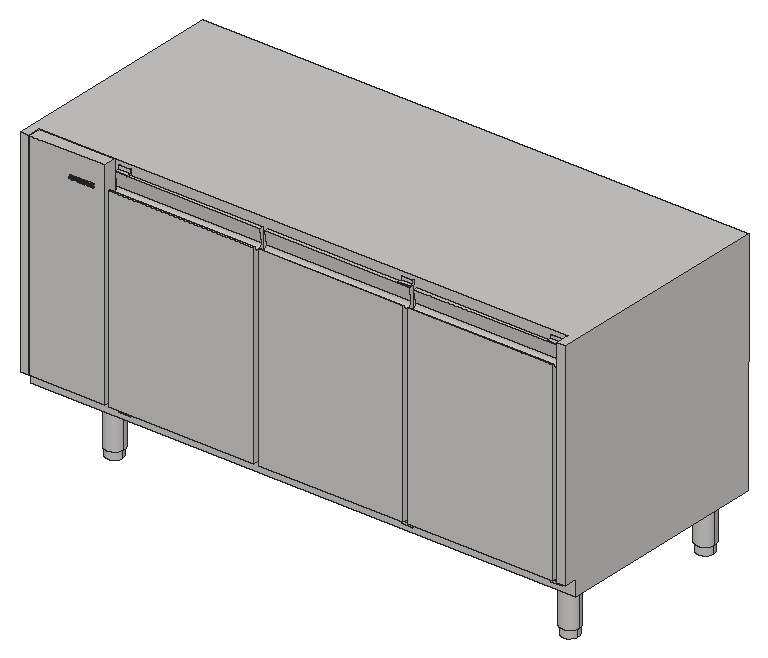
Revit family "QF_ALPENINOX_712270_AH3R8AAA", category Specialty Equipment, Revit 2018
Family settings
  Round Connector Dimension = Use Diameter
  Part Type = Normal
  Work Plane-Based = No
  Always vertical = Yes
  Cut with Voids When Loaded = No
  Shared = No
  Room Calculation Point = No
Parameters
  Weight = 0.00 kg
  Watts = 0.00278709 W
  Volts = 220 V
  URL Manufacturer = "http://www.alpeninox.com/"
  URL = "http://www.alpeninox.com/"
  Steam Supply Size = 0 mm
  Steam Supply Minimum Pressure = 0.0 Pa
  Steam Supply Maximum Pressure = 0.0 Pa
  Steam Pounds per Hour = 0
  Show Logo [instance] = yes
  Show Clearance [instance] = yes
  Refrigeration Suction Line Size = 0 mm
  Refrigeration Liquid Line Size = 0 mm
  Refrigerant Compressor Remote = yes
  Manufacturer = "Alpeninox"
  Phase = 1
  Model = "AH3R8AAA"
  Length Actual = 1657 mm  # constant formula
  Item Number = "712270"
  Hot Water Size = 0 mm
  Height Actual = 850 mm  # constant formula
  HP = "0 HP"
  Gas Size = 0 mm
  Gas KW = 0
  Gas Input Pressure = 0 W
  Description = "3DOORS REFRIGER.TABLE 440L- NO TOP - REM"
  Depth Actual = 700 mm  # constant formula
  Cycle = 0 Hz
  Condensate Return Size = 0 mm
  Compressed Air Volume = 0.0 L/s
  Compressed Air Size = 0 mm
  Compressed Air Pressure = 0.0 Pa
  Cold Water Size = 0 mm
  Accessory = yes
Reference planes
  plane 1 "Center X": y = 182.5
  plane 2: z = 0
  plane 3 "Center Y": x = 169.5
  plane 4: y = -62.5
  plane 5: y = 451.5
  plane 6 "BACK": y = 532.5
  plane 7 "FRONT": y = -167.5
  plane 8: x = -452
  plane 9: x = 932
  plane 10: z = 150
  plane 11 "TOP": z = 900
  plane 12: z = 850
  plane 13 "LEFT": x = -659
  plane 14 "RIGHT": x = 998
Forms (mm)
  Extrusion 1, solid, material "QF_Finishes_Stainless Steel"
    sketch origin (169.5, 2, 0) x (0, 1, 0) y (0, 0, 1)
      loop
        line (530.5, 150) -> (530.5, 850) -> (-124.5, 850) -> (-124.5, 150) -> (530.5, 150)
    from -828.5 to 828.5
  Extrusion 2, solid, material "QF_Finishes_Stainless Steel"
    sketch origin (-1022.223, -1524, 150) x (-1, 0, 0) y (0, -1, 0)
      loop
        line (-363.223, -1361.5) -> (-388.223, -1361.5) -> (-388.223, -1401.5) -> (-363.223, -1401.5) -> (-363.223, -1361.5)
      loop
        line (-2020.223, -1401.5) -> (-1995.223, -1401.5) -> (-1995.223, -1361.5) -> (-2020.223, -1361.5) -> (-2020.223, -1401.5)
    from 47 to 700
  Extrusion 3, solid, material "QF_Finishes_Stainless Steel"
    sketch origin (0, 0, 900) x (-1, 0, 0) y (0, -1, 0)
      loop
        circle (-284, -94.5) r 8.45
    from -790.577 to -750
  Extrusion 4, solid, material "QF_Finishes_Stainless Steel"
    sketch origin (0, 0, 0) x (1, 0, 0) y (0, 1, 0)
      loop
        circle (-594, 207.5) r 8.45
    from 127.77 to 150
  Extrusion 5, solid, material "QF_Finishes_Stainless Steel"
    sketch origin (0, 0, 0) x (1, 0, 0) y (0, 1, 0)
      loop
        circle (-578, 162.5) r 4.75
    from 347 to 367
  Extrusion 6, solid, material "QF_Finishes_Stainless Steel"
    sketch origin (0, 0, 0) x (1, 0, 0) y (0, 1, 0)
      loop
        circle (-531, 4.5) r 4
    from 709 to 729
  Extrusion 7, solid, material "QF_Finishes_Stainless Steel"
    sketch origin (0, 0, 0) x (1, 0, 0) y (0, 1, 0)
      loop
        circle (-553, 159.5) r 4
    from 397 to 417
Cuts and joins
  joined: Extrusion 1, Extrusion 2
Lines and regions (mm)
  symbolic lines, style "SpecialityEquipmentHiddenLines"
    curve 1: line (-659, -122.5, 900) -> (998, -122.5, 900)
    curve 2: line (-396, -162.5, 900) -> (-396, -122.5, 900)
    curve 3: line (-659, 532.5, 900) -> (998, 532.5, 900)
    curve 4: line (-659, 532.5, 900) -> (-659, -162.5, 900)
    curve 5: line (-659, -162.5, 900) -> (998, -162.5, 900)
    curve 6: line (998, -162.5, 900) -> (998, 532.5, 900)
Dimensions and locks
  locked: plane 6 "BACK" to plane 7 "FRONT" at 700
  equal spacing: plane 6 "BACK", plane 1 "Center X", plane 7 "FRONT"
  locked: plane 6 "BACK" to plane 5 at 81
  plane 10 to level = 150 mm
  plane 11 "TOP" to plane 12 to plane 10 = 50 mm locked, 700 mm locked
  locked: Extrusion 2 sketch curve to Extrusion 2 sketch curve at 25  (x2)
  locked: plane 4 to plane 7 "FRONT" at 105
  locked: plane 6 "BACK" to Extrusion 3 sketch curve at 438
  equal spacing: plane 13 "LEFT", plane 3 "Center Y", plane 14 "RIGHT"
  plane 13 "LEFT" to plane 14 "RIGHT" = 1657 mm
  locked: plane 13 "LEFT" to plane 8 at 207
  locked: plane 9 to plane 14 "RIGHT" at 66
  locked: Extrusion 3 sketch curve to plane 14 "RIGHT" at 714
  plane 6 "BACK" to Extrusion 4 sketch curve = 325 mm
  locked: plane 13 "LEFT" to Extrusion 4 sketch curve at 65
  locked: plane 13 "LEFT" to Extrusion 7 sketch curve at 106
  locked: plane 6 "BACK" to Extrusion 7 sketch curve at 373
  locked: plane 6 "BACK" to Extrusion 5 sketch curve at 370
  locked: plane 13 "LEFT" to Extrusion 5 sketch curve at 81
  plane 13 "LEFT" to Extrusion 6 sketch curve = 128 mm
  plane 6 "BACK" to Extrusion 6 sketch curve = 528 mm
  locked: plane 10 to Extrusion 4 at 22.23
  cut or joined group of Extrusion 1, Extrusion 2 to Extrusion 5 to Extrusion 5 to Extrusion 7 to Extrusion 7 to Extrusion 6 to Extrusion 6 = 197 mm locked, 20 mm locked, 30 mm locked, 20 mm locked, 292 mm locked, 20 mm locked
  aligned and locked: level to plane 2
  aligned and locked: plane 10 to Extrusion 3
  aligned and locked: nested 4 to plane 4
  aligned and locked: nested 1 to plane 4
  aligned and locked: nested 3 to plane 5
  aligned and locked: nested 2 to plane 5
  aligned and locked: plane 8 to nested 1
  aligned and locked: plane 8 to nested 2
  aligned and locked: plane 9 to nested 4
  aligned and locked: plane 9 to nested 3
  aligned and locked: Extrusion 1 to Extrusion 2
  aligned and locked: Extrusion 2 to Extrusion 1
  aligned and locked: Extrusion 2 sketch curve to plane 14 "RIGHT"
  aligned and locked: plane 13 "LEFT" to Extrusion 2 sketch curve
  aligned and locked: cut or joined group of Extrusion 1, Extrusion 2 to plane 10
  aligned and locked: plane 12 to cut or joined group of Extrusion 1, Extrusion 2
  aligned and locked: plane 10 to Extrusion 4
Automatic sketch dimensions
  Extrusion 1 sketch curve to plane 10 = 0 mm
  Extrusion 1 sketch curve to plane 12 = 0 mm
  Extrusion 1 sketch curve to plane 6 "BACK" = 0 mm
  plane 7 "FRONT" to Extrusion 1 sketch curve = 45 mm
  plane 7 "FRONT" to Extrusion 2 sketch curve = 45 mm  (x2)
  plane 7 "FRONT" to Extrusion 2 sketch curve = 5 mm  (x2)
  curve 6 to plane 6 "BACK" = 0 mm
  curve 6 to plane 14 "RIGHT" = 0 mm
  curve 5 to plane 13 "LEFT" = 0 mm
  plane 7 "FRONT" to curve 5 = 5 mm
  plane 8 to curve 2 = 56 mm
  curve 1 to curve 5 = 40 mm
  radius of Extrusion 3 sketch curve = 8.45 mm
  radius of Extrusion 4 sketch curve = 8.45 mm
  radius of Extrusion 5 sketch curve = 4.75 mm
  radius of Extrusion 6 sketch curve = 4 mm
  radius of Extrusion 7 sketch curve = 4 mm
Nested families
  nested 1: "Foot_Ø50_H150" at (-452, -62.5, 0), type "Foot_Ø50_H150"
  nested 2: "Foot_Ø50_H150" at (-452, 451.5, 0), type "Foot_Ø50_H150"
  nested 3: "Foot_Ø50_H150" at (932, 451.5, 0), type "Foot_Ø50_H150"
  nested 4: "Foot_Ø50_H150" at (932, -62.5, 0), type "Foot_Ø50_H150"
  nested 5: "ALP_Cooling Unit_Remote" at (-518.5, -164.5, 0), Show Logo <- "Show Logo", type "ALP_Cooling Unit_Remote"
  nested 6: "Door" at (285, -164.5, 0), Show Clearance <- "Show Clearance", type "Door"
  nested 7: "Door" at (-169, -164.5, 0) x (-1, 0, 0) z (0, 0, 1), Show Clearance <- "Show Clearance", type "Door"
  nested 8: "Refrigerator" at (998, -167.5, 900), type "Refrigerator"
  nested 9: "Door" at (739, -164.5, 0), Show Clearance <- "Show Clearance", type "Door"
Connectors
  piping at (-594, 207.5, 127.77), diameter 17
    settings: on Extrusion 4, index 1, connector inside diameter 609.6 mm, connector length 0 mm, flow factor 0, pipe flow 0.0 L/s, pressure drop 0.0 Pa, fitting loss kfactor 0, connector angle 0.00°, fixture units 0, engagement length 0 mm, angle of deflection 0.00°, flow configuration 1, flow direction 2, fitting loss method 0, system type 16, joint type 0, gender type 0, connector reference index -1, connector utility 0, adjustable connector no, is connector primary yes, connector description "Drain"
  piping at (-578, 162.5, 347), diameter 2895.6
    settings: on Extrusion 5, index 2, connector inside diameter 609.6 mm, connector length 0 mm, flow factor 0, pipe flow 0.0 L/s, pressure drop 0.0 Pa, fitting loss kfactor 0, connector angle 0.00°, fixture units 0, engagement length 0 mm, angle of deflection 0.00°, flow configuration 1, flow direction 2, fitting loss method 0, system type 8, joint type 0, gender type 0, connector reference index -1, connector utility 0, adjustable connector no, is connector primary no, connector description "Refrigerant Outlet"
  piping at (-553, 159.5, 397), diameter 2438.4
    settings: on Extrusion 7, index 3, connector inside diameter 609.6 mm, connector length 0 mm, flow factor 0, pipe flow 0.0 L/s, pressure drop 0.0 Pa, fitting loss kfactor 0, connector angle 0.00°, fixture units 0, engagement length 0 mm, angle of deflection 0.00°, flow configuration 1, flow direction 1, fitting loss method 0, system type 7, joint type 0, gender type 0, connector reference index -1, connector utility 0, adjustable connector no, is connector primary no, connector description "Refrigerant Inlet"
  electrical at (-531, 4.5, 709)
    settings: on Extrusion 6, index 4, voltage 0 V, apparent load 0 VA, apparent load phase1 0 VA, apparent load phase2 0 VA, apparent load phase3 0 VA, power factor 1, load classification "Altro", number of poles 1, system type 30, power factor state 1, is connector primary yes, connector utility no, sub classification motor no, connector description "Electrical Connection"
  piping at (284, 94.5, 109.423), diameter 17
    settings: on Extrusion 3, index 5, connector inside diameter 609.6 mm, connector length 0 mm, flow factor 0, pipe flow 0.0 L/s, pressure drop 0.0 Pa, fitting loss kfactor 0, connector angle 0.00°, fixture units 0, engagement length 0 mm, angle of deflection 0.00°, flow configuration 1, flow direction 2, fitting loss method 0, system type 16, joint type 0, gender type 0, connector reference index -1, connector utility 0, adjustable connector no, is connector primary no, connector description "Drain"
Definition of nested family "Foot_Ø50_H150"
  Reference planes
    plane 1 "Centro (Fronte/Retro)": y = 0
    plane 2: z = 0
    plane 3 "Centro (Sinistra/Destra)": x = 0
    plane 4: z = 150
  Forms (mm)
    Revolve 1, solid
      sketch origin (255.05, 0, 608.09) x (0, 0, 1) y (-1, 0, 0)
        loop
          line (-608.09, 255.05) -> (-608.09, 230.05) -> (-583.09, 230.05) -> (-583.09, 226.05) -> (-458.09, 226.05) -> (-458.09, 255.05) -> (-608.09, 255.05)
        axis (-608.09, 255.05) -> (-458.09, 255.05)
      angle from 0 to 360
  Dimensions and locks
    locked: Revolve 1 sketch curve to Revolve 1 sketch curve at 125
    aligned and locked: level to plane 2
    aligned and locked: plane 4 to Revolve 1 sketch curve
    aligned and locked: Revolve 1 sketch curve to level
    aligned and locked: plane 3 "Centro (Sinistra/Destra)" to Revolve 1 sketch curve
Definition of nested family "ALP_Cooling Unit_Remote"
  Parameters
    Show Logo [instance] = yes
  Reference planes
    plane 1 "FRONT": y = -3
    plane 2: z = 0
    plane 3 "Centro (Sinistra/Destra)": x = 0
    plane 4: z = 150
    plane 5: z = 850
    plane 6: x = -115.5
    plane 7: x = 115.5
  Forms (mm)
    Extrusion 1, solid
      sketch origin (0, 55, 511) x (0, 0, 1) y (0, -1, 0)
        loop
          line (-314, 53) -> (-314, 13) -> (339, 13) -> (339, 53) -> (-314, 53)
      from -115.5 to 115.5
  Lines and regions (mm)
    Split face 1
      outline origin (0, 2, 197) x (0, 0, 1) y (-1, 0, 0)
        loop
          line (622.361, 88.738) -> (620.361, 90.738) -> (551.361, 90.738) -> (549.361, 88.738) -> (549.361, -88.738) -> (551.361, -90.738) -> (620.361, -90.738) -> (622.361, -88.738) -> (622.361, 88.738)
    Split face 2
      outline origin (0, 2, 197) x (0, 0, 1) y (-1, 0, 0)
        loop
          line (617.361, 90.738) -> (617.361, -90.738)
        loop
          line (554.361, 90.738) -> (554.361, -90.738)
    Split face 3
      outline origin (0, 2, 197) x (0, 0, 1) y (-1, 0, 0)
        loop
          line (615.361, 90.738) -> (615.361, -90.738)
        loop
          line (556.361, 90.738) -> (556.361, -90.738)
    Split face 4
      outline origin (0, 2, 197) x (0, 0, 1) y (-1, 0, 0)
        loop
          line (594.861, 71.967) -> (576.861, 71.967) -> (576.861, 6.967) -> (594.861, 6.967) -> (594.861, 71.967)
  Dimensions and locks
    aligned and locked: level to plane 2
  Nested families
    nested 1: "ALP_Logo_XS" at (45.369, 2, 782.861) x (1, 0, 0) z (0, -1, 0), visible <- "Show Logo", type "ALP_Logo_XS"
  Definition of nested family "ALP_Logo_XS"
    Parameters
      Default Elevation = 0 mm
    Reference planes
      plane 1 "Centro (Fronte/Retro)": y = 0
      plane 2: z = 0
      plane 3 "Centro (Sinistra/Destra)": x = 0
    Forms (mm)
      Extrusion 1, solid
        sketch origin (0, 0, 0) x (1, 0, 0) y (0, 1, 0)
          loop
            line (-1219.2, 1219.2) -> (-1219.2, -1219.2) -> (1219.2, -1219.2) -> (1219.2, 1219.2) -> (-1219.2, 1219.2)
        from 0 to -304.8
      Extrusion 2, solid
        sketch origin (17.793, -46.218, 0) x (-1, 0, 0) y (0, -1, 0)
          loop
            arc (56.029, -42.55) -> (55.919, -41.581) -> (55.073, -41.095) r 1.08
            line (55.073, -41.095) -> (54.045, -41.845) -> (53.618, -43.159) -> (49.653, -43.159) -> (49.224, -41.83) -> (48.183, -41.095)
            arc (48.183, -41.095) -> (47.402, -41.616) -> (47.313, -42.55) r 1.094
            line (47.313, -42.55) -> (50.109, -50.245)
            spline (50.109, -50.245) -> (50.175, -50.41) -> (50.254, -50.567) -> (50.343, -50.714) -> (50.444, -50.85) -> (50.556, -50.974) -> (50.679, -51.085) -> (50.813, -51.182) -> (50.957, -51.264) -> (51.112, -51.329) -> (51.277, -51.377) -> (51.452, -51.407) -> (51.636, -51.417)
            spline (51.636, -51.417) -> (51.814, -51.407) -> (51.984, -51.375) -> (52.146, -51.325) -> (52.3, -51.258) -> (52.445, -51.174) -> (52.58, -51.075) -> (52.705, -50.962) -> (52.819, -50.837) -> (52.923, -50.702) -> (53.015, -50.557) -> (53.095, -50.405) -> (53.163, -50.245)
            line (53.163, -50.245) -> (56.029, -42.55)
          loop
            line (53.005, -45.11) -> (50.294, -45.11) -> (51.633, -49.253) -> (53.005, -45.11)
          loop
            spline (46.282, -42.339) -> (46.273, -42.168) -> (46.248, -42.008) -> (46.207, -41.86) -> (46.149, -41.725) -> (46.077, -41.602) -> (45.989, -41.494) -> (45.886, -41.401) -> (45.77, -41.323) -> (45.64, -41.261) -> (45.496, -41.216) -> (45.339, -41.189) -> (45.17, -41.179)
            line (45.17, -41.179) -> (41.605, -41.179)
            spline (41.605, -41.179) -> (41.453, -41.189) -> (41.312, -41.216) -> (41.183, -41.26) -> (41.065, -41.318) -> (40.959, -41.389) -> (40.866, -41.471) -> (40.784, -41.563) -> (40.716, -41.664) -> (40.661, -41.77) -> (40.619, -41.882) -> (40.591, -41.997) -> (40.577, -42.113)
            spline (40.577, -42.113) -> (40.581, -42.234) -> (40.598, -42.356) -> (40.63, -42.475) -> (40.676, -42.591) -> (40.737, -42.7) -> (40.813, -42.802) -> (40.904, -42.894) -> (41.012, -42.973) -> (41.135, -43.039) -> (41.275, -43.088) -> (41.431, -43.119) -> (41.605, -43.13)
            line (41.605, -43.13) -> (44.143, -43.13) -> (44.143, -50.23)
            spline (44.143, -50.23) -> (44.152, -50.4) -> (44.18, -50.557) -> (44.224, -50.701) -> (44.284, -50.83) -> (44.359, -50.946) -> (44.448, -51.047) -> (44.55, -51.133) -> (44.663, -51.204) -> (44.787, -51.26) -> (44.921, -51.301) -> (45.064, -51.325) -> (45.214, -51.333)
            spline (45.214, -51.333) -> (45.363, -51.325) -> (45.506, -51.301) -> (45.639, -51.26) -> (45.763, -51.204) -> (45.876, -51.133) -> (45.977, -51.047) -> (46.066, -50.946) -> (46.141, -50.83) -> (46.201, -50.701) -> (46.245, -50.557) -> (46.272, -50.4) -> (46.282, -50.23)
            line (46.282, -50.23) -> (46.282, -42.339)
          loop
            spline (39.662, -42.198) -> (39.653, -42.028) -> (39.625, -41.871) -> (39.581, -41.727) -> (39.521, -41.598) -> (39.446, -41.482) -> (39.357, -41.381) -> (39.255, -41.295) -> (39.142, -41.224) -> (39.018, -41.168) -> (38.884, -41.128) -> (38.742, -41.103) -> (38.593, -41.095)
            spline (38.593, -41.095) -> (38.443, -41.103) -> (38.3, -41.128) -> (38.167, -41.168) -> (38.043, -41.224) -> (37.93, -41.295) -> (37.829, -41.381) -> (37.74, -41.482) -> (37.665, -41.598) -> (37.605, -41.727) -> (37.561, -41.871) -> (37.534, -42.028) -> (37.524, -42.198)
            line (37.524, -42.198) -> (37.524, -44.517) -> (35.94, -44.517)
            spline (35.94, -44.517) -> (35.46, -44.544) -> (34.998, -44.622) -> (34.559, -44.75) -> (34.147, -44.927) -> (33.768, -45.15) -> (33.424, -45.418) -> (33.122, -45.73) -> (32.864, -46.082) -> (32.656, -46.474) -> (32.502, -46.904) -> (32.407, -47.369) -> (32.374, -47.87)
            spline (32.374, -47.87) -> (32.406, -48.361) -> (32.499, -48.822) -> (32.65, -49.25) -> (32.855, -49.644) -> (33.11, -50) -> (33.413, -50.317) -> (33.76, -50.592) -> (34.147, -50.822) -> (34.57, -51.005) -> (35.027, -51.139) -> (35.513, -51.221) -> (36.026, -51.249)
            line (36.026, -51.249) -> (38.548, -51.249)
            spline (38.548, -51.249) -> (38.72, -51.24) -> (38.879, -51.213) -> (39.023, -51.17) -> (39.154, -51.11) -> (39.271, -51.036) -> (39.373, -50.946) -> (39.46, -50.843) -> (39.532, -50.727) -> (39.588, -50.598) -> (39.629, -50.458) -> (39.654, -50.306) -> (39.662, -50.145)
            line (39.662, -50.145) -> (39.662, -42.198)
          loop
            line (37.524, -49.381) -> (37.524, -46.382) -> (36.065, -46.382)
            spline (36.065, -46.382) -> (35.848, -46.396) -> (35.645, -46.435) -> (35.458, -46.498) -> (35.287, -46.583) -> (35.132, -46.689) -> (34.996, -46.814) -> (34.878, -46.958) -> (34.78, -47.117) -> (34.702, -47.29) -> (34.645, -47.477) -> (34.61, -47.675) -> (34.599, -47.882)
            spline (34.599, -47.882) -> (34.61, -48.09) -> (34.645, -48.288) -> (34.702, -48.474) -> (34.78, -48.648) -> (34.878, -48.807) -> (34.996, -48.95) -> (35.132, -49.075) -> (35.287, -49.181) -> (35.458, -49.266) -> (35.645, -49.329) -> (35.848, -49.368) -> (36.065, -49.381)
            line (36.065, -49.381) -> (37.524, -49.381)
          loop
            spline (23.911, -45.178) -> (23.6, -45.189) -> (23.319, -45.221) -> (23.07, -45.274) -> (22.85, -45.346) -> (22.659, -45.437) -> (22.496, -45.545) -> (22.36, -45.67) -> (22.251, -45.81) -> (22.167, -45.965) -> (22.109, -46.133) -> (22.074, -46.314) -> (22.063, -46.506)
            spline (22.063, -46.506) -> (22.102, -47.066) -> (22.218, -47.632) -> (22.407, -48.193) -> (22.666, -48.74) -> (22.993, -49.263) -> (23.383, -49.749) -> (23.833, -50.189) -> (24.34, -50.573) -> (24.901, -50.89) -> (25.513, -51.129) -> (26.173, -51.281) -> (26.876, -51.333)
            spline (26.876, -51.333) -> (27.564, -51.284) -> (28.212, -51.14) -> (28.817, -50.909) -> (29.374, -50.599) -> (29.881, -50.217) -> (30.332, -49.772) -> (30.725, -49.271) -> (31.055, -48.721) -> (31.318, -48.131) -> (31.511, -47.508) -> (31.63, -46.859) -> (31.67, -46.193)
            spline (31.67, -46.193) -> (31.629, -45.477) -> (31.508, -44.798) -> (31.31, -44.16) -> (31.039, -43.568) -> (30.698, -43.027) -> (30.291, -42.543) -> (29.821, -42.119) -> (29.292, -41.762) -> (28.707, -41.475) -> (28.07, -41.265) -> (27.385, -41.135) -> (26.653, -41.09)
            spline (26.653, -41.09) -> (26.149, -41.112) -> (25.639, -41.177) -> (25.132, -41.281) -> (24.637, -41.419) -> (24.165, -41.589) -> (23.724, -41.786) -> (23.325, -42.006) -> (22.977, -42.247) -> (22.689, -42.505) -> (22.472, -42.775) -> (22.335, -43.053) -> (22.287, -43.337)
            spline (22.287, -43.337) -> (22.293, -43.479) -> (22.313, -43.618) -> (22.346, -43.753) -> (22.392, -43.881) -> (22.451, -44) -> (22.521, -44.11) -> (22.604, -44.208) -> (22.698, -44.292) -> (22.804, -44.36) -> (22.921, -44.412) -> (23.05, -44.444) -> (23.188, -44.456)
            spline (23.188, -44.456) -> (23.413, -44.429) -> (23.628, -44.352) -> (23.84, -44.236) -> (24.057, -44.091) -> (24.285, -43.927) -> (24.531, -43.753) -> (24.801, -43.58) -> (25.102, -43.417) -> (25.441, -43.275) -> (25.824, -43.165) -> (26.258, -43.095) -> (26.75, -43.076)
            spline (26.75, -43.076) -> (27.057, -43.097) -> (27.356, -43.149) -> (27.643, -43.23) -> (27.916, -43.341) -> (28.172, -43.479) -> (28.409, -43.645) -> (28.624, -43.837) -> (28.815, -44.056) -> (28.978, -44.3) -> (29.111, -44.569) -> (29.211, -44.862) -> (29.276, -45.178)
            line (29.276, -45.178) -> (23.911, -45.178)
          loop
            line (29.332, -47.164) -> (24.402, -47.164)
            spline (24.402, -47.164) -> (24.458, -47.453) -> (24.55, -47.736) -> (24.676, -48.011) -> (24.833, -48.274) -> (25.018, -48.52) -> (25.228, -48.746) -> (25.461, -48.947) -> (25.715, -49.121) -> (25.985, -49.263) -> (26.271, -49.369) -> (26.569, -49.435) -> (26.876, -49.458)
            spline (26.876, -49.458) -> (27.172, -49.434) -> (27.462, -49.366) -> (27.743, -49.257) -> (28.013, -49.112) -> (28.266, -48.936) -> (28.501, -48.731) -> (28.714, -48.504) -> (28.902, -48.257) -> (29.061, -47.995) -> (29.188, -47.723) -> (29.279, -47.444) -> (29.332, -47.164)
          loop
            spline (20.938, -42.198) -> (20.929, -42.028) -> (20.901, -41.871) -> (20.857, -41.727) -> (20.796, -41.597) -> (20.721, -41.482) -> (20.632, -41.381) -> (20.53, -41.295) -> (20.416, -41.224) -> (20.292, -41.168) -> (20.158, -41.127) -> (20.016, -41.103) -> (19.866, -41.095)
            spline (19.866, -41.095) -> (19.716, -41.103) -> (19.574, -41.127) -> (19.441, -41.168) -> (19.317, -41.224) -> (19.204, -41.295) -> (19.102, -41.381) -> (19.013, -41.482) -> (18.938, -41.597) -> (18.878, -41.727) -> (18.834, -41.871) -> (18.806, -42.028) -> (18.797, -42.198)
            line (18.797, -42.198) -> (18.797, -47.511) -> (14.246, -41.561) -> (13.347, -41.095)
            spline (13.347, -41.095) -> (13.197, -41.103) -> (13.055, -41.127) -> (12.921, -41.168) -> (12.797, -41.224) -> (12.684, -41.295) -> (12.582, -41.381) -> (12.494, -41.482) -> (12.418, -41.597) -> (12.358, -41.727) -> (12.314, -41.871) -> (12.287, -42.028) -> (12.277, -42.198)
            line (12.277, -42.198) -> (12.277, -50.23)
            spline (12.277, -50.23) -> (12.287, -50.4) -> (12.314, -50.557) -> (12.358, -50.701) -> (12.418, -50.83) -> (12.494, -50.946) -> (12.582, -51.047) -> (12.684, -51.133) -> (12.797, -51.204) -> (12.921, -51.26) -> (13.055, -51.301) -> (13.197, -51.325) -> (13.347, -51.333)
            spline (13.347, -51.333) -> (13.497, -51.325) -> (13.639, -51.301) -> (13.773, -51.26) -> (13.897, -51.204) -> (14.011, -51.133) -> (14.113, -51.047) -> (14.202, -50.946) -> (14.277, -50.83) -> (14.337, -50.701) -> (14.381, -50.557) -> (14.408, -50.4) -> (14.418, -50.23)
            line (14.418, -50.23) -> (14.418, -44.847) -> (18.968, -50.865) -> (19.866, -51.333)
            spline (19.866, -51.333) -> (20.016, -51.325) -> (20.158, -51.301) -> (20.292, -51.26) -> (20.416, -51.204) -> (20.53, -51.133) -> (20.632, -51.047) -> (20.721, -50.946) -> (20.796, -50.83) -> (20.857, -50.701) -> (20.901, -50.557) -> (20.929, -50.4) -> (20.938, -50.23)
            line (20.938, -50.23) -> (20.938, -42.198)
          loop
            spline (10.94, -42.198) -> (10.93, -42.028) -> (10.903, -41.871) -> (10.859, -41.727) -> (10.799, -41.597) -> (10.724, -41.482) -> (10.635, -41.381) -> (10.533, -41.295) -> (10.42, -41.224) -> (10.296, -41.168) -> (10.162, -41.127) -> (10.019, -41.103) -> (9.869, -41.095)
            spline (9.869, -41.095) -> (9.719, -41.103) -> (9.577, -41.127) -> (9.443, -41.168) -> (9.319, -41.224) -> (9.206, -41.295) -> (9.105, -41.381) -> (9.016, -41.482) -> (8.941, -41.597) -> (8.881, -41.727) -> (8.837, -41.871) -> (8.81, -42.028) -> (8.8, -42.198)
            line (8.8, -42.198) -> (8.8, -50.23)
            spline (8.8, -50.23) -> (8.81, -50.4) -> (8.837, -50.557) -> (8.881, -50.701) -> (8.941, -50.83) -> (9.016, -50.946) -> (9.105, -51.047) -> (9.206, -51.133) -> (9.319, -51.204) -> (9.443, -51.26) -> (9.577, -51.301) -> (9.719, -51.325) -> (9.869, -51.333)
            spline (9.869, -51.333) -> (10.019, -51.325) -> (10.162, -51.301) -> (10.296, -51.26) -> (10.42, -51.204) -> (10.533, -51.133) -> (10.635, -51.047) -> (10.724, -50.946) -> (10.799, -50.83) -> (10.859, -50.701) -> (10.903, -50.557) -> (10.93, -50.4) -> (10.94, -50.23)
            line (10.94, -50.23) -> (10.94, -42.198)
          loop
            spline (7.462, -42.198) -> (7.452, -42.028) -> (7.425, -41.871) -> (7.381, -41.727) -> (7.321, -41.597) -> (7.246, -41.482) -> (7.157, -41.381) -> (7.055, -41.295) -> (6.942, -41.224) -> (6.818, -41.168) -> (6.685, -41.127) -> (6.542, -41.103) -> (6.393, -41.095)
            spline (6.393, -41.095) -> (6.243, -41.103) -> (6.1, -41.127) -> (5.966, -41.168) -> (5.842, -41.224) -> (5.729, -41.295) -> (5.627, -41.381) -> (5.538, -41.482) -> (5.463, -41.597) -> (5.402, -41.727) -> (5.358, -41.871) -> (5.331, -42.028) -> (5.321, -42.198)
            line (5.321, -42.198) -> (5.321, -47.511) -> (0.771, -41.561) -> (-0.128, -41.095)
            spline (-0.128, -41.095) -> (-0.278, -41.103) -> (-0.42, -41.127) -> (-0.554, -41.168) -> (-0.678, -41.224) -> (-0.791, -41.295) -> (-0.893, -41.381) -> (-0.982, -41.482) -> (-1.057, -41.597) -> (-1.117, -41.727) -> (-1.162, -41.871) -> (-1.189, -42.028) -> (-1.199, -42.198)
            line (-1.199, -42.198) -> (-1.199, -50.23)
            spline (-1.199, -50.23) -> (-1.189, -50.4) -> (-1.162, -50.557) -> (-1.117, -50.701) -> (-1.057, -50.83) -> (-0.982, -50.946) -> (-0.893, -51.047) -> (-0.791, -51.133) -> (-0.678, -51.204) -> (-0.554, -51.26) -> (-0.42, -51.301) -> (-0.278, -51.325) -> (-0.128, -51.333)
            spline (-0.128, -51.333) -> (0.022, -51.325) -> (0.164, -51.301) -> (0.298, -51.26) -> (0.422, -51.204) -> (0.536, -51.133) -> (0.637, -51.047) -> (0.726, -50.946) -> (0.801, -50.83) -> (0.861, -50.701) -> (0.905, -50.557) -> (0.932, -50.4) -> (0.942, -50.23)
            line (0.942, -50.23) -> (0.942, -44.847) -> (5.493, -50.865) -> (6.393, -51.333)
            spline (6.393, -51.333) -> (6.542, -51.325) -> (6.685, -51.301) -> (6.818, -51.26) -> (6.942, -51.204) -> (7.055, -51.133) -> (7.157, -51.047) -> (7.246, -50.946) -> (7.321, -50.83) -> (7.381, -50.701) -> (7.425, -50.557) -> (7.452, -50.4) -> (7.462, -50.23)
            line (7.462, -50.23) -> (7.462, -42.198)
          loop
            spline (-7.232, -41.01) -> (-7.943, -41.056) -> (-8.611, -41.192) -> (-9.232, -41.411) -> (-9.803, -41.709) -> (-10.321, -42.078) -> (-10.782, -42.514) -> (-11.181, -43.011) -> (-11.516, -43.564) -> (-11.783, -44.166) -> (-11.978, -44.812) -> (-12.097, -45.497) -> (-12.138, -46.214)
            spline (-12.138, -46.214) -> (-12.096, -46.919) -> (-11.974, -47.596) -> (-11.774, -48.238) -> (-11.503, -48.839) -> (-11.163, -49.393) -> (-10.76, -49.893) -> (-10.297, -50.333) -> (-9.778, -50.707) -> (-9.208, -51.008) -> (-8.591, -51.231) -> (-7.931, -51.37) -> (-7.232, -51.417)
            spline (-7.232, -51.417) -> (-6.524, -51.371) -> (-5.858, -51.236) -> (-5.238, -51.018) -> (-4.666, -50.722) -> (-4.148, -50.353) -> (-3.687, -49.918) -> (-3.286, -49.422) -> (-2.95, -48.87) -> (-2.682, -48.267) -> (-2.486, -47.62) -> (-2.366, -46.934) -> (-2.325, -46.214)
            spline (-2.325, -46.214) -> (-2.366, -45.497) -> (-2.487, -44.812) -> (-2.684, -44.166) -> (-2.953, -43.564) -> (-3.29, -43.011) -> (-3.692, -42.514) -> (-4.154, -42.078) -> (-4.672, -41.709) -> (-5.243, -41.411) -> (-5.862, -41.192) -> (-6.527, -41.056) -> (-7.232, -41.01)
          loop
            spline (-7.232, -42.962) -> (-7.665, -42.993) -> (-8.059, -43.083) -> (-8.414, -43.227) -> (-8.731, -43.422) -> (-9.01, -43.661) -> (-9.251, -43.941) -> (-9.454, -44.257) -> (-9.62, -44.605) -> (-9.748, -44.979) -> (-9.839, -45.374) -> (-9.894, -45.788) -> (-9.912, -46.214)
            spline (-9.912, -46.214) -> (-9.894, -46.637) -> (-9.837, -47.049) -> (-9.744, -47.444) -> (-9.614, -47.818) -> (-9.446, -48.165) -> (-9.241, -48.482) -> (-8.998, -48.763) -> (-8.719, -49.003) -> (-8.403, -49.198) -> (-8.049, -49.344) -> (-7.659, -49.434) -> (-7.232, -49.466)
            spline (-7.232, -49.466) -> (-6.804, -49.434) -> (-6.414, -49.344) -> (-6.06, -49.198) -> (-5.743, -49.003) -> (-5.464, -48.763) -> (-5.222, -48.482) -> (-5.017, -48.165) -> (-4.849, -47.818) -> (-4.718, -47.444) -> (-4.625, -47.049) -> (-4.568, -46.637) -> (-4.55, -46.214)
            spline (-4.55, -46.214) -> (-4.568, -45.788) -> (-4.623, -45.374) -> (-4.714, -44.979) -> (-4.842, -44.605) -> (-5.008, -44.257) -> (-5.211, -43.941) -> (-5.452, -43.661) -> (-5.731, -43.422) -> (-6.048, -43.227) -> (-6.404, -43.083) -> (-6.798, -42.993) -> (-7.232, -42.962)
          loop
            arc (-12.168, -42.806) -> (-12.411, -41.323) -> (-13.895, -41.561) r 1.064
            line (-13.895, -41.561) -> (-16.234, -44.786) -> (-18.574, -41.561)
            arc (-18.574, -41.561) -> (-20.072, -41.304) -> (-20.3, -42.806) r 1.064
            line (-20.3, -42.806) -> (-17.477, -46.566) -> (-19.787, -49.678)
            arc (-19.787, -49.678) -> (-19.432, -51.089) -> (-18.004, -50.81) r 1.057
            line (-18.004, -50.81) -> (-16.234, -48.321) -> (-14.389, -50.918)
            arc (-14.389, -50.918) -> (-12.91, -51.16) -> (-12.683, -49.678) r 1.055
            line (-12.683, -49.678) -> (-14.994, -46.566) -> (-12.168, -42.806)
        from 0 to 1.644
    Dimensions and locks
      aligned and locked: plane 2 to Extrusion 1
      aligned and locked: level to Extrusion 1
Definition of nested family "Door"
  Parameters
    Show Clearance [instance] = yes
  Reference planes
    plane 1 "FRONT": y = -3
    plane 2: z = 0
    plane 3 "Centro (Sinistra/Destra)": x = 0
    plane 4: z = 150
    plane 5: z = 850
    plane 6: x = -234
    plane 7: x = 234
    plane 8: x = -220
    plane 9: x = 220
  Forms (mm)
    Extrusion 1, solid
      sketch origin (0, 53, 511) x (0, 0, 1) y (0, -1, 0)
        loop
          line (-323.003, 28.5) -> (-316.501, 28.5) -> (-316.501, 31) -> (-325.503, 31) -> (-325.503, 13.5) -> (-345.503, 13.5) -> (-345.503, 11) -> (-323.003, 11) -> (-323.003, 23.259) -> (-323.003, 28.5)
        loop
          line (-314, 27) -> (-316.501, 27) -> (-316.501, 18.501) -> (-319.752, 18.501) -> (-319.752, 16) -> (-314, 16) -> (-314, 27)
        loop
          line (315.003, 27) -> (315.003, 13.948) -> (315.003, 11) -> (327.503, 11) -> (327.503, 13.5) -> (317.503, 13.5) -> (317.503, 27) -> (315.003, 27)
      from 185 to 220
    Extrusion 2, solid, visible <- "Show Clearance", detail levels coarse
      sketch origin (0, 53, 511) x (0, -1, 0) y (1, 0, 0)
        loop
          line (51, 220) -> (51, -220)
          arc (51, -220) -> (339.234, -79.44) -> (454, 220) r 437.168
          line (454, 220) -> (51, 220)
      from -314 to 314
    Extrusion 3, solid
      sketch origin (0, 55, 511) x (0, 0, 1) y (0, -1, 0)
        loop
          line (314, 18) -> (314, 29) -> (274.395, 22.5)
          arc (274.395, 22.5) -> (260.395, 36.5) -> (274.395, 50.5) r 14
          line (274.395, 50.5) -> (274.395, 53) -> (-314, 53) -> (-314, 18) -> (314, 18)
      from -220 to 220
  Lines and regions (mm)
    symbolic lines
      curve 1: line (220, -3, 0) -> (220, -401, 0)
      curve 2: line (220, -401, 0) -> (185, -401, 0)
      curve 3: line (185, -401, 0) -> (185, -3, 0)
      curve 4: arc (-219.722, -3, 0) -> (-89.51, -275.368, 0) -> (185, -401, 0) r 442.855
  Dimensions and locks
    aligned and locked: level to plane 2
Definition of nested family "Refrigerator"
  Reference planes
    plane 1 "Center (Front/Back)": y = 0
    plane 2: z = 0
    plane 3 "Center (Left/Right)": x = 0
  Lines and regions (mm)
    detail lines, in view "Ref. Level"
      curve 1: spline (-500, 190, 0) -> (-493.185, 166.706, 0) -> (-473.205, 145, 0) -> (-441.421, 126.36, 0) -> (-400, 112.058, 0) -> (-351.764, 103.067, 0) -> (-300, 100, 0) -> (-248.236, 103.067, 0) -> (-200, 112.058, 0) -> (-158.579, 126.36, 0) -> (-126.795, 145, 0) -> (-106.815, 166.706, 0) -> (-100, 190, 0) -> (-106.815, 213.294, 0) -> (-126.795, 235, 0) -> (-158.579, 253.64, 0) -> (-200, 267.942, 0) -> (-248.236, 276.933, 0) -> (-300, 280, 0) -> (-351.764, 276.933, 0) -> (-400, 267.942, 0) -> (-441.421, 253.64, 0) -> (-473.205, 235, 0) -> (-493.185, 213.294, 0) -> (-500, 190, 0)
      curve 2: line (-300, 130, 0) -> (-300, 250, 0)
      curve 3: line (-351.962, 220, 0) -> (-248.038, 160, 0)
      curve 4: line (-351.962, 160, 0) -> (-248.038, 220, 0)
      curve 5: line (-280.884, 246.873, 0) -> (-300, 225, 0)
      curve 6: line (-300, 225, 0) -> (-319.116, 246.873, 0)
      curve 7: line (-330.311, 207.5, 0) -> (-339.696, 234.992, 0)
      curve 8: line (-358.812, 201.882, 0) -> (-330.311, 207.5, 0)
      curve 9: line (-330.311, 172.5, 0) -> (-358.812, 178.118, 0)
      curve 10: line (-339.696, 145.008, 0) -> (-330.311, 172.5, 0)
      curve 11: line (-300, 155, 0) -> (-319.116, 133.127, 0)
      curve 12: line (-280.884, 133.127, 0) -> (-300, 155, 0)
      curve 13: line (-269.689, 172.5, 0) -> (-260.304, 145.008, 0)
      curve 14: line (-241.188, 178.118, 0) -> (-269.689, 172.5, 0)
      curve 15: line (-269.689, 207.5, 0) -> (-241.188, 201.882, 0)
      curve 16: line (-260.304, 234.992, 0) -> (-269.689, 207.5, 0)
